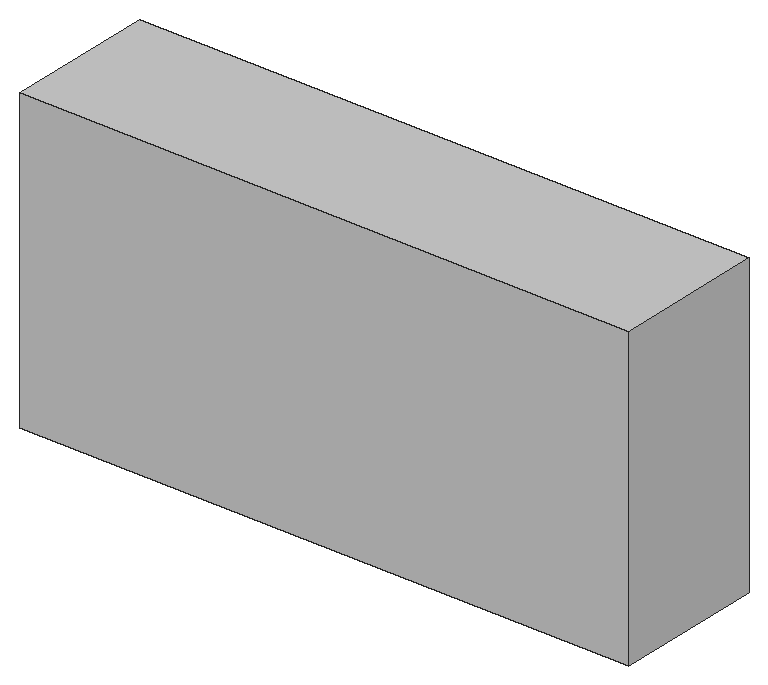
Revit family "3d391bc6792a4d0b98386c394cd92f8f", category 结构框架, Revit 2026
Family settings
  显示在隐藏视图中 = 被其他构件隐藏的边缘
  结构框架长度舍入 = 1 mm
  截面形状 = 未定义
  用于模型行为的材质 = 混凝土
  始终导出为几何图形 = 否
  总是垂直 = 是
  载入时剪切的空心 = 否
  符号表示法 = 从族
  共享 = 否
  在平面视图中显示族的预剪切 = 是
Parameters (values of type "300 x 600mm")
  Structural Material [instance] = 混凝土 - 现场浇注混凝土
  Length [instance] = 1524 mm
  b = 300 mm
  h = 600 mm
Types (3, lengths in mm): name | Structural Material | b | h
  (no name) | 混凝土 - 现场浇注混凝土 | 300 | 600
  400 x 800mm | none | 400 | 800
  300 x 600mm | 混凝土 - 现场浇注混凝土 | 300 | 600
Reference planes
  plane 1 "中心(前/后)": y = 0
  plane 2: z = 0
  plane 3 "中心(左/右)": x = 4.61
  plane 4 "左构件": x = -604.99
  plane 5 "右构件": x = 614.21
  plane 6: y = 150
  plane 7: y = -150
  plane 8: z = 300
  plane 9 "底": z = -300
  plane 10 "左": x = -757.39
  plane 11 "右": x = 766.61
Forms (mm)
  Sweep 1, solid, material "混凝土 - 现场浇注混凝土" <- "Structural Material"
    path origin (0, 0, 0) x (1, 0, 0) y (0, 1, 0)
      loop
        line (614.21, 0) -> (-604.99, 0)
    profile "M_矩形梁 - 轮廓 : M_矩形梁 - 轮廓" origin (4.61, 0, 0) x (0, -1, 0) y (0, 0, 1)
      loop
        line (-150, -300) -> (150, -300) -> (150, 300) -> (-150, 300) -> (-150, -300)
Dimensions and locks
  "b": plane 6 to plane 7
  equal spacing: plane 9 "底", plane 2, plane 8
  equal spacing: plane 6, plane 1 "中心(前/后)", plane 7
  "h": plane 9 "底" to plane 8
  "Length": plane 10 "左" to plane 11 "右"
  aligned and locked: Sweep 1 sketch curve to plane 1 "中心(前/后)"
  aligned and locked: plane 4 "左构件" to Sweep 1 sketch curve
  aligned and locked: plane 5 "右构件" to Sweep 1 sketch curve
